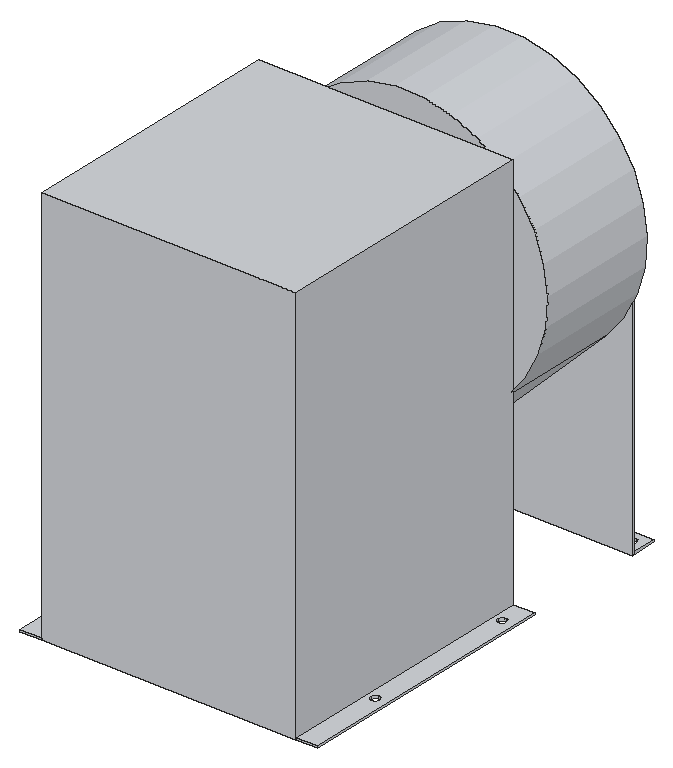
Revit family "CPFB_CW_BAD", category Mechanical Equipment, Revit 2019
Family settings
  Round Connector Dimension = Use Radius
  Part Type = Normal
  Work Plane-Based = No
  Always vertical = Yes
  Cut with Voids When Loaded = No
  Shared = No
  Room Calculation Point = No
Parameters (values of type "100-CPFB_CW_BAD")
  Z = 0' - 4 5/8"
  Y = 0' - 8 5/8"
  X = 1' - 2 1/16"
  W+M = W + M  # 1' - 5 1/8"
  W+1.5+K+L = W + 0' 1 1/2" + K + L  # 2' - 1 3/4"
  W+1.5 = W + 0' 1 1/2"  # 0' - 5 1/2"
  W = 0' - 4"
  V = 0' - 8"
  Unit Weight [instance] = ""
  U-.125 = U - 0' 0 1/8"  # 0' - 1 1/2"
  U = 0' - 1 5/8"
  T = 0' - 0 3/4"
  Sones [instance] = ""
  S/2 = S / 2  # 0' - 0 9/32"
  S = 0' - 0 9/16"
  R = 0' - 0 3/4"
  Q = 0' - 3"
  P-U = P - U  # 2' - 1 3/16"
  P = 2' - 2 13/16"
  N = 0' - 9 3/8"
  Motor RPM [instance] = ""
  Motor Enclosure [instance] = ""
  ModelID [instance] = ""
  M = 1' - 1 1/8"
  LwA [instance] = ""
  L = 0' - 10 1/4"
  K = 0' - 10"
  J = 0' - 10 3/4"
  H = 2' - 1 1/4"
  G-V = G - V  # 0' - 1 3/8"
  G = 0' - 9 3/8"
  Fan RPM [instance] = ""
  F-.125 = F - 0' 0 1/8"  # 0' - 7 3/8"
  F = 0' - 7 1/2"
  E-F = E - F  # 0' - 10 3/16"
  E = 1' - 5 11/16"
  D = 1' - 6"
  C/8*7 = C / 8 * 2.5  # 0' - 4 53/128"
  C/8 = C / 6  # 0' - 2.35417"
  C/2 = C / 2  # 0' - 7 1/16"
  C = 1' - 2 1/8"
  Brake Hp [instance] = ""
  B = 0' - 10 15/16"
  Accessories [instance] = ""
  A+.25 = A + 0' 0 1/4"  # 0' - 7 13/16"
  A = 0' - 7 9/16"
  CUT = 0' - 3 1/2"
  3" = 0' - 3"  # constant formula
  1'8" = 1' - 8"  # constant formula
  0 = 0' - 0"  # constant formula
  Voltage [instance] = 0 V
  URL = "www.lorencook.com"
  Type Comments = "Foward Curved Centrifugal Blower Clockwise Bottom Angular Down Arrangement 10"  # constant formula
  Static Pressure [instance] = 0.00 in-wg
  Power [instance] = Voltage * Motor FLA * sqrt(if(Phase = 3, 3, 1))  # 0 VA
  Phase [instance] = 0
  Number of Poles [instance] = 1
  Motor Hp [instance] = "0"
  Motor FLA [instance] = 0 A
  Model = "CPFB_CW_BAD"  # constant formula
  Manufacturer = "Loren Cook Company"
  CFM [instance] = 0 CFM
  1.5 = 0' - 1 1/2"  # constant formula
  ONE EIGTH = 0' - 0 1/8"  # constant formula
  -1.5 = -0' - 1 1/2"  # constant formula
  -.125 = -0' - 0 1/8"  # constant formula
  -(A+.25) = -(A + 0' 0 1/4")  # -0' - 7 13/16"
  (C/2)-1.5 = (C / 2) - 0' 1 1/2"  # 0' - 5 9/16"
  (C/2)-.25 = (C / 2) - 0' 0 1/4"  # 0' - 6 13/16"
Types (9): name | Z | Y | X | W+M | W+1.5+K+L | W+1.5 | W | V | U-.125 | U | T | S/2 | S | R | Q | P-U | P | N | M | L | K | J | H | G-V | G | F-.125 | F | E-F | E | D | C/8*7 | C/8 | C/2 | C | B | A+.25 | A | CUT | -(A+.25) | (C/2)-1.5 | (C/2)-.25
  (no name) | 0' - 4 5/8" | 0' - 8 5/8" | 1' - 2 1/16" | 1' - 5 1/8" | 2' - 1 3/4" | 0' - 5 1/2" | 0' - 4" | 0' - 8" | 0' - 1 1/2" | 0' - 1 5/8" | 0' - 0 3/4" | 0' - 0 9/32" | 0' - 0 9/16" | 0' - 0 3/4" | 0' - 3" | 2' - 1 3/16" | 2' - 2 13/16" | 0' - 9 3/8" | 1' - 1 1/8" | 0' - 10 1/4" | 0' - 10" | 0' - 10 3/4" | 2' - 1 1/4" | 0' - 1 3/8" | 0' - 9 3/8" | 0' - 7 3/8" | 0' - 7 1/2" | 0' - 10 3/16" | 1' - 5 11/16" | 1' - 6" | 0' - 4 53/128" | 0' - 2.35417" | 0' - 7 1/16" | 1' - 2 1/8" | 0' - 10 15/16" | 0' - 7 13/16" | 0' - 7 9/16" | 0' - 3 1/2" | -0' - 7 13/16" | 0' - 5 9/16" | 0' - 6 13/16"
  150-CPFB_CW_BAD | 0' - 6 9/16" | 0' - 8 5/8" | 1' - 7 5/8" | 1' - 7 1/8" | 2' - 7 5/8" | 0' - 5 1/2" | 0' - 4" | 0' - 8" | 0' - 1 1/2" | 0' - 1 5/8" | 0' - 0 3/4" | 0' - 0 9/32" | 0' - 0 9/16" | 0' - 0 3/4" | 0' - 3" | 2' - 6 11/16" | 2' - 8 5/16" | 1' - 1 1/4" | 1' - 3 1/8" | 1' - 2 1/8" | 1' - 0" | 1' - 2 5/8" | 2' - 5 1/16" | 0' - 1 3/8" | 0' - 9 3/8" | 0' - 11 1/8" | 0' - 11 1/4" | 1' - 3 3/8" | 2' - 2 5/8" | 1' - 7 1/16" | 0' - 5 125/128" | 0' - 3 3/16" | 0' - 9 9/16" | 1' - 7 1/8" | 1' - 4 7/16" | 0' - 11 11/16" | 0' - 11 7/16" | 0' - 2" | -0' - 11 11/16" | 0' - 8 1/16" | 0' - 9 5/16"
  180-CPFB_CW_BAD | 0' - 7 3/4" | 0' - 9 5/8" | 1' - 10 7/8" | 1' - 7 1/8" | 2' - 9 15/16" | 0' - 5 1/2" | 0' - 4" | 0' - 9" | 0' - 1 1/2" | 0' - 1 5/8" | 0' - 0 3/4" | 0' - 0 9/32" | 0' - 0 9/16" | 0' - 1" | 0' - 3" | 3' - 0 5/16" | 3' - 1 15/16" | 1' - 3 9/16" | 1' - 3 1/8" | 1' - 4 7/16" | 1' - 0" | 1' - 4 15/16" | 2' - 9 9/16" | 0' - 1 3/8" | 0' - 10 3/8" | 1' - 1 7/16" | 1' - 1 9/16" | 1' - 6 3/8" | 2' - 7 15/16" | 1' - 10 1/16" | 0' - 7 23/256" | 0' - 3 25/32" | 0' - 11 11/32" | 1' - 10 11/16" | 1' - 7 11/16" | 1' - 2" | 1' - 1 3/4" | 0' - 2" | -1' - 2" | 0' - 9 27/32" | 0' - 11 3/32"
  220-CPFB_CW_BAD | 0' - 9 7/16" | 0' - 11 1/8" | 2' - 3 13/16" | 1' - 11 1/8" | 3' - 5 3/8" | 0' - 6 1/2" | 0' - 5" | 0' - 10 1/2" | 0' - 1 1/2" | 0' - 1 5/8" | 0' - 0 3/4" | 0' - 0 9/32" | 0' - 0 9/16" | 0' - 1" | 0' - 4" | 3' - 9 1/4" | 3' - 10 7/8" | 1' - 7" | 1' - 6 1/8" | 1' - 7 7/8" | 1' - 3" | 1' - 8 7/16" | 3' - 5" | 0' - 1 3/8" | 0' - 11 7/8" | 1' - 4 3/4" | 1' - 4 7/8" | 1' - 11" | 3' - 3 7/8" | 2' - 3" | 0' - 8 147/256" | 0' - 4.57292" | 1' - 1 23/32" | 2' - 3 7/16" | 2' - 0 5/8" | 1' - 5 7/16" | 1' - 5 3/16" | 0' - 2" | -1' - 5 7/16" | 1' - 0 7/32" | 1' - 1 15/32"
  250-CPFB_CW_BAD | 0' - 10 1/2" | 1' - 0 3/8" | 2' - 7" | 1' - 11 1/8" | 3' - 7 3/16" | 0' - 6 1/2" | 0' - 5" | 0' - 11 1/2" | 0' - 2" | 0' - 2 1/8" | 0' - 1" | 0' - 0 11/32" | 0' - 0 11/16" | 0' - 1" | 0' - 4" | 4' - 1 1/8" | 4' - 3 1/4" | 1' - 9 1/16" | 1' - 6 1/8" | 1' - 9 11/16" | 1' - 3" | 1' - 11" | 3' - 8 5/8" | 0' - 1 7/8" | 1' - 1 3/8" | 1' - 6 1/4" | 1' - 6 3/8" | 2' - 1" | 3' - 7 3/8" | 2' - 5 5/8" | 0' - 9 51/256" | 0' - 4 29/32" | 1' - 2 23/32" | 2' - 5 7/16" | 2' - 2 13/16" | 1' - 7" | 1' - 6 3/4" | 0' - 2" | -1' - 7" | 1' - 1 7/32" | 1' - 2 15/32"
  270-CPFB_CW_BAD | 0' - 11 7/16" | 1' - 1 3/8" | 2' - 9 3/4" | 2' - 2 1/8" | 4' - 0 1/16" | 0' - 6 1/2" | 0' - 5" | 1' - 0 1/2" | 0' - 2" | 0' - 2 1/8" | 0' - 1" | 0' - 0 11/32" | 0' - 0 11/16" | 0' - 1" | 0' - 4" | 4' - 6 1/8" | 4' - 8 1/4" | 1' - 10 15/16" | 1' - 9 1/8" | 1' - 11 9/16" | 1' - 6" | 2' - 0 7/8" | 4' - 0 7/8" | 0' - 1 7/8" | 1' - 2 3/8" | 1' - 8 1/8" | 1' - 8 1/4" | 2' - 3 5/8" | 3' - 11 7/8" | 2' - 8 3/8" | 0' - 9 251/256" | 0' - 5.32292" | 1' - 3 31/32" | 2' - 7 15/16" | 2' - 5 9/16" | 1' - 8 7/8" | 1' - 8 5/8" | 0' - 2 1/4" | -1' - 8 7/8" | 1' - 2 15/32" | 1' - 3 23/32"
  300-CPFB_CW_BAD | 1' - 0 5/8" | 1' - 2 5/16" | 3' - 1" | 2' - 2 3/16" | 4' - 2 1/2" | 0' - 6 1/2" | 0' - 5" | 1' - 1 1/2" | 0' - 2" | 0' - 2 1/8" | 0' - 1" | 0' - 0 11/32" | 0' - 0 11/16" | 0' - 1 3/16" | 0' - 4" | 5' - 0" | 5' - 2 1/8" | 2' - 1 5/16" | 1' - 9 3/16" | 2' - 2" | 1' - 6" | 2' - 3 3/16" | 4' - 5 5/8" | 0' - 1 13/16" | 1' - 3 5/16" | 1' - 10 3/8" | 1' - 10 1/2" | 2' - 6 5/8" | 4' - 5 1/8" | 2' - 11 5/8" | 0' - 10 235/256" | 0' - 5.82292" | 1' - 5 15/32" | 2' - 10 15/16" | 2' - 8 13/16" | 1' - 11 3/16" | 1' - 10 15/16" | 0' - 2 1/2" | -1' - 11 3/16" | 1' - 3 31/32" | 1' - 5 7/32"
  120-CPFB_CW_BAD | 0' - 5 7/16" | 0' - 8 5/8" | 1' - 4 5/16" | 1' - 5 1/8" | 2' - 3 3/8" | 0' - 5 1/2" | 0' - 4" | 0' - 8" | 0' - 1 1/2" | 0' - 1 5/8" | 0' - 0 3/4" | 0' - 0 9/32" | 0' - 0 9/16" | 0' - 0 3/4" | 0' - 3" | 2' - 3" | 2' - 4 5/8" | 0' - 11" | 1' - 1 1/8" | 0' - 11 7/8" | 0' - 10" | 1' - 0 3/8" | 2' - 2 1/4" | 0' - 1 3/8" | 0' - 9 3/8" | 0' - 8 7/8" | 0' - 9" | 1' - 0 5/16" | 1' - 9 5/16" | 1' - 6" | 0' - 5 5/128" | 0' - 2 11/16" | 0' - 8 1/16" | 1' - 4 1/8" | 1' - 1 1/8" | 0' - 9 7/16" | 0' - 9 3/16" | 0' - 2 1/2" | -0' - 9 7/16" | 0' - 6 9/16" | 0' - 7 13/16"
  100-CPFB_CW_BAD | 0' - 4 5/8" | 0' - 8 5/8" | 1' - 2 1/16" | 1' - 5 1/8" | 2' - 1 3/4" | 0' - 5 1/2" | 0' - 4" | 0' - 8" | 0' - 1 1/2" | 0' - 1 5/8" | 0' - 0 3/4" | 0' - 0 9/32" | 0' - 0 9/16" | 0' - 0 3/4" | 0' - 3" | 2' - 1 3/16" | 2' - 2 13/16" | 0' - 9 3/8" | 1' - 1 1/8" | 0' - 10 1/4" | 0' - 10" | 0' - 10 3/4" | 2' - 1 1/4" | 0' - 1 3/8" | 0' - 9 3/8" | 0' - 7 3/8" | 0' - 7 1/2" | 0' - 10 3/16" | 1' - 5 11/16" | 1' - 6" | 0' - 4 53/128" | 0' - 2.35417" | 0' - 7 1/16" | 1' - 2 1/8" | 0' - 10 15/16" | 0' - 7 13/16" | 0' - 7 9/16" | 0' - 3 1/2" | -0' - 7 13/16" | 0' - 5 9/16" | 0' - 6 13/16"
Reference planes (in)
  plane 1 "Center (Front/Back)": y = 0
  plane 2: z = 0
  plane 3 "Center (Left/Right)": x = 0.40541
Forms (in)
  Extrusion 1, solid
    sketch origin (0, 0, 0) x (1, 0, 0) y (0, 1, 0)
      loop
        line (-7.59459, 0) -> (-7.59459, -17.125) -> (8.40541, -17.125) -> (8.40541, 0) -> (-7.59459, 0)
    from 0 to 25.25 <- "H"
  Extrusion 2, solid
    sketch origin (0, 0, 0) x (1, 0, 0) y (0, 1, 0)
      loop
        line (-7.59459, 0) -> (-8.96959, 0) -> (-8.96959, -17.125) -> (-7.59459, -17.125) -> (-7.59459, 0)
      loop
        line (8.40541, 0) -> (8.40541, -17.125) -> (9.78041, -17.125) -> (9.78041, 0) -> (8.40541, 0)
    from 0 to 0.125 <- "ONE EIGTH"
  Extrusion 3, solid
    sketch origin (0, 0, 0) x (1, 0, 0) y (0, 1, 0)
      loop
        line (-8.96959, 9.375) -> (-8.96959, 7.8125) -> (9.78041, 7.8125) -> (9.78041, 9.375) -> (-8.96959, 9.375)
    from 0 to 0.125 <- "ONE EIGTH"
  Extrusion 4, solid
    sketch origin (9.78041, 7.8125, 0) x (-1, 0, 0) y (0, 0, -1)
      loop
        line (18.75, 0) -> (0, 0) -> (0, -18) -> (18.75, -18) -> (18.75, 0)
    from 0 to 0.125 <- "ONE EIGTH"
  Extrusion 5, void
    sketch origin (9.78041, 7.8125, 0) x (1, 0, 0) y (0, 0, -1)
      loop
        circle (-9.375, -18) r 7.0625
    from -0.125 <- "-.125" to 0 <- "0"
  Extrusion 6, void
    sketch origin (0, 0, 0) x (1, 0, 0) y (0, 1, 0)
      loop
        circle (9.03041, -1.625) r 0.28125
      loop
        circle (9.03041, -11.625) r 0.28125
      loop
        circle (-8.21959, -11.625) r 0.28125
      loop
        circle (-8.21959, -1.625) r 0.28125
    from -12 to 12
  Extrusion 7, void
    sketch origin (0, 0, 0) x (1, 0, 0) y (0, 1, 0)
      loop
        circle (9.03041, 8.625) r 0.28125
      loop
        circle (-8.21959, 8.625) r 0.28125
    from -0.125 <- "-.125" to 0.125 <- "ONE EIGTH"
  Extrusion 8, solid
    sketch origin (9.78041, 7.6875, 0) x (-1, 0, 0) y (0, 0, -1)
      loop
        circle (9.375, -18) r 7.0625
      loop
        circle (9.375, -18) r 6.8125
    from 0 to -1.5 <- "-1.5"
  Extrusion 9, solid
    sketch origin (12.84666, 0, 4.98541) x (0.707107, 0, 0.707107) y (-0.707107, 0, 0.707107)
      loop
        line (-10.25884, 19.12148) -> (-10.25884, 8.18398) -> (1.33349, 8.18398)
        arc (1.33349, 8.18398) -> (8.28793, 22.49103) -> (-7.25884, 19.12148) r 8.84375
        line (-7.25884, 19.12148) -> (-10.25884, 19.12148)
    from 0 to -7.8125 <- "-(A+.25)"
  Revolve 10, void
    sketch origin (0.40541, 0, 0) x (0, 1, 0) y (0, 0, 1)
      loop
        line (7.8125, 23.5625) -> (5.45833, 22.41406) -> (5.45833, 18) -> (7.8125, 18) -> (7.8125, 23.5625)
      axis (5.45833, 18) -> (7.8125, 18)
    angle from 0 to 360
Cuts and joins
  Extrusion 5, Extrusion 7, Revolve 10 cuts Extrusion 4
  Extrusion 6 cuts Extrusion 1
  Extrusion 6 cuts Extrusion 2
  Extrusion 7 cuts Extrusion 3
  Revolve 10 cuts Extrusion 8
  Revolve 10 cuts Extrusion 9
Dimensions and locks (in)
  "0": Extrusion 1 sketch curve to plane 1 "Center (Front/Back)"
  "W+M": plane 1 "Center (Front/Back)" to Extrusion 1 sketch curve
  "V": plane 3 "Center (Left/Right)" to Extrusion 1 sketch curve
  "V": Extrusion 1 sketch curve to plane 3 "Center (Left/Right)"
  "0": Extrusion 2 sketch curve to plane 1 "Center (Front/Back)"  (x2)
  "0": Extrusion 1 to Extrusion 2 sketch curve  (x2)
  "0": Extrusion 2 sketch curve to Extrusion 1  (x2)
  "G-V": Extrusion 2 sketch curve to Extrusion 2 sketch curve  (x2)
  "N": plane 1 "Center (Front/Back)" to Extrusion 3 sketch curve
  "A+.25": Extrusion 3 sketch curve to plane 1 "Center (Front/Back)"
  "0": Extrusion 2 to Extrusion 3 sketch curve  (x2)
  "0": Extrusion 1 to Extrusion 4 sketch curve
  "D": Extrusion 4 sketch curve to Extrusion 4 sketch curve
  "0": Extrusion 4 sketch curve to Extrusion 2  (x2)
  "D": Extrusion 1 to Extrusion 5 sketch curve
  "V": Extrusion 1 to Extrusion 5 sketch curve
  "Y": plane 3 "Center (Left/Right)" to Extrusion 6 sketch curve  (x2)
  "Y": Extrusion 6 sketch curve to plane 3 "Center (Left/Right)"  (x2)
  "W+1.5": Extrusion 1 to Extrusion 6 sketch curve  (x2)
  "K": Extrusion 6 sketch curve to Extrusion 6 sketch curve  (x2)
  "W+1.5+K+L": cut or joined group of Extrusion 1, Extrusion 6 to Extrusion 7 sketch curve  (x2)
  "V": cut or joined group of Extrusion 1, Extrusion 6 to Extrusion 8 sketch curve  (x2)
  "D": Extrusion 8 sketch curve to cut or joined group of Extrusion 1, Extrusion 6  (x2)
  "D": Revolve 10 sketch curve to level  (x2)
  "0": Extrusion 9 to Revolve 10 sketch curve
  "C/8*7": Revolve 10 sketch curve to Revolve 10 sketch curve
  "(C/2)-1.5": Revolve 10 sketch curve to Revolve 10 sketch curve
  "C/8": Extrusion 9 to Revolve 10 sketch curve
  "T": Extrusion 7 sketch curve to cut or joined group of Extrusion 3, Extrusion 7
  "T": cut or joined group of Extrusion 3, Extrusion 7 to Extrusion 7 sketch curve
  "B": Extrusion 9 sketch curve to Extrusion 9 sketch curve
  "3"": Extrusion 9 sketch curve to Extrusion 9 sketch curve
  "F": plane 3 "Center (Left/Right)" to Extrusion 9 sketch curve
  "E-F": Extrusion 9 sketch curve to plane 3 "Center (Left/Right)"
  "P": Extrusion 9 sketch curve to level
  "C/2": radius of Extrusion 5 sketch curve
  "S/2": radius of Extrusion 6 sketch curve  (x4)
  "S/2": radius of Extrusion 7 sketch curve  (x2)
  "C/2": radius of Extrusion 8 sketch curve
  "(C/2)-.25": radius of Extrusion 8 sketch curve
Automatic sketch dimensions
  Revolve 10 sketch curve to Revolve 10 sketch curve = 0' - 0.60417"
  Revolve 10 sketch curve to Revolve 10 sketch curve = 0' - 3.54487"
Connectors (in)
  hvac at (0.40541, 9.1875, 18), driven by "C/2"
    settings: on cut or joined group of Extrusion 8, Revolve 10, index 2, duct flow 0 CFM, flow factor 0, pres drop 0.00 in-wg, loss coef 0, conn angle 0.00°, conn width 12", conn height 12", conn diameter 14 1/8", duct sys type 29, conn prof type 0, flow config 0, flow direction 1, loss method 0, conn ref index -1, conn util no, is conn primary yes, conn desc ""
  electrical at (8.40541, -8.5625, 12.625)
    settings: on cut or joined group of Extrusion 1, Extrusion 6, index 3, voltage 0 V, apparent load 0 VA, apparent load phase1 0 VA, apparent load phase2 0 VA, apparent load phase3 0 VA, power factor 1, load classification "Other", number of poles 1, system type 14, power factor state 1, is connector primary yes, connector utility no, sub classification motor no, connector description ""
  electrical at (8.40541, -8.5625, 12.625)
    settings: on cut or joined group of Extrusion 1, Extrusion 6, index 4, voltage 0 V, apparent load 0 VA, apparent load phase1 0 VA, apparent load phase2 0 VA, apparent load phase3 0 VA, power factor 1, load classification "Other", number of poles 1, system type 30, power factor state 1, is connector primary no, connector utility no, sub classification motor no, connector description ""
  hvac at (-4.06137, 3.90625, 7.38525), driven by "B", driven by "A"
    settings: on cut or joined group of Extrusion 9, Revolve 10, index 5, duct flow 0 CFM, flow factor 0, pres drop 0.00 in-wg, loss coef 0, conn angle 0.00°, conn width 7 9/16", conn height 10 15/16", conn diameter 24", duct sys type 29, conn prof type 1, flow config 0, flow direction 2, loss method 0, conn ref index -1, conn util no, is conn primary no, conn desc ""
